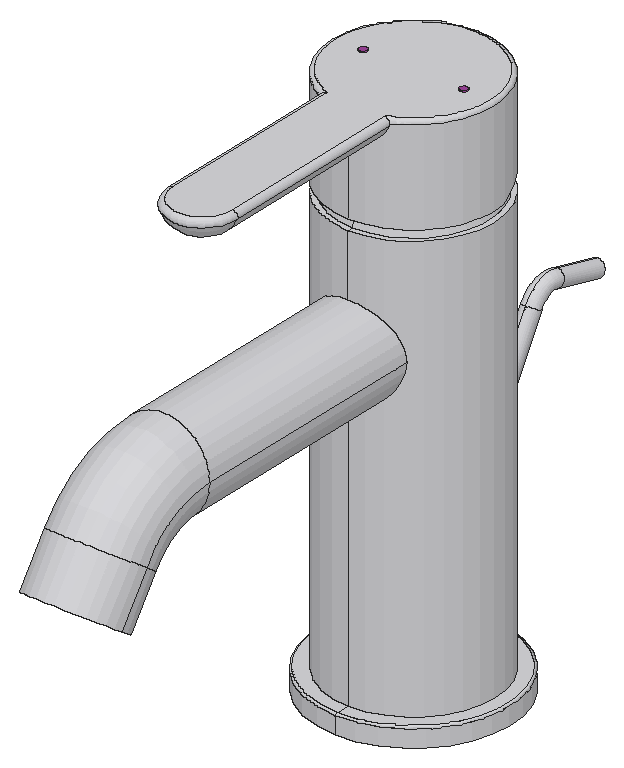
Revit family "Faucet-Lavatory-KOHLER-ATOM-K-31875T_1", category Plumbing Fixtures, host Face, Revit 2017
Family settings
  Host = Face
  Round Connector Dimension = Use Diameter
  Part Type = Normal
  OmniClass Number = 23.31.11.00
  OmniClass Title = Faucets
  Cut with Voids When Loaded = No
  Shared = No
  Room Calculation Point = No
Parameters (values of type "Mixing Faucet, CP-Polished Chrome")
  Width = 1 31/32"  # constant formula
  WaterSense Certified = 1 = 0  # no
  Waste Water Outlet = "Waste Water Outlet"  # constant formula
  Waste Connection = 1 = 0  # no
  Vent Connection = 1 = 0  # no
  URL = "https://www.kohlerasiapacific.com/"
  Type = 1
  Spout Reach = 4 75/256"  # constant formula
  Product Page URL = ""
  Product Name = "ATOM"  # constant formula
  Product Documentation Link = ""
  Pressure = 45.00 psi  # constant formula
  Model = "K-31875T-4E2-CP"  # constant formula
  Material = "Premium Metal Construction"  # constant formula
  Master Format 2014 Name = "Residential Faucets, Supplies, and Trim"  # constant formula
  Master Format 2014 = "22 41 39"  # constant formula
  Manufacturer Address = "No. 158 Jiang Chang San Road, Zhabei District, Shanghai, China"  # constant formula
  Manufacturer = "KOHLER Co."  # constant formula
  Length = Spout Reach  # 4 75/256"
  Hot Water Inlet = "Hot Water Inlet"  # constant formula
  Hot Water Diameter = if(Type = 1, 1/2", 0")  # 1/2"
  Height = 5 161/256"  # constant formula
  Handle Clearance = 3 1/32"  # constant formula
  HW Connection = if(Type = 1, 1 = 1, 1 = 0)  # yes
  Flow Rate = 1 GPM  # constant formula
  Finish = Kohler-Metal-CP-Polished_Chrome
  Faucet Hole Spacing = 0"
  Environmental Product Declaration = ""
  Drain Included = 1 = 1  # yes
  Description = "Single Handle Lavatory Faucet Streamline Handle, Pop Up, 6P"  # constant formula
  Default Elevation = 36"
  Declare Label = ""
  Date Modified = "08/25/2021"  # constant formula
  Date Created = "08/25/2021"  # constant formula
  Copyright = "Copyright KOHLER Co."  # constant formula
  Contact Us = "https://www.kohlerasiapacific.com/contact-us"
  Cold Water Inlet = "Cold Water Inlet"  # constant formula
  CW Connection = 1 = 1  # yes
  Assembly Code = "D2010"
  ADA Compliant = 1 = 0  # no
Reference planes (in)
  plane 1 "Center (Front/Back)": y = 0
  plane 2: z = 0
  plane 3 "Center (Left/Right)": x = 0
  plane 4: x = -0.98425
  plane 5: x = 0.9845
  plane 6: y = 0.98425
  plane 7: y = -0.98425
  plane 8: x = -0.3937
  plane 9: x = 0.3937
  plane 10: y = -4.29297
  plane 11: y = -3.03125
  plane 12: z = 5.62891
  plane 13: z = 2.55906
  plane 14: y = 2.34457
Dimensions and locks (in)
  "Height": plane 12 to level
  level to plane 13 = 2.55906"
  "Length": plane 1 "Center (Front/Back)" to plane 10
  "Width": plane 4 to plane 5
  plane 7 to plane 6 = 1.9685"
  "Handle Clearance": plane 11 to plane 1 "Center (Front/Back)"
  aligned and locked: plane 2 to host face
  aligned and locked: level to host face
Automatic sketch dimensions
  host sketch curve to host sketch curve = 96"  (x2)
Nested families (in)
  nested 1: "K-31875T" at (0, 0, 0), type "K-31875T"
Connectors (in)
  piping at (0.3937, 0, 0), diameter 0.5, driven by "Flow Rate", driven by "Pressure", driven by "CW Connection", driven by "Cold Water Inlet"
    settings: on nested 1, index 1, connector inside diameter 24", connector length 0", flow factor 0, pipe flow 1 GPM, pressure drop 45.00 psi, fitting loss kfactor 0, connector angle 0.00°, fixture units 0, engagement length 0", angle of deflection 0.00°, flow configuration 1, flow direction 1, fitting loss method 4, system type 20, joint type 0, gender type 0, connector reference index -1, connector utility 1, adjustable connector no, is connector primary yes, connector description "Cold Water Inlet"
  piping at (-0.3937, 0, 0), diameter 0.5, driven by "Flow Rate", driven by "Pressure", driven by "HW Connection", driven by "Hot Water Inlet", driven by "Hot Water Diameter"
    settings: on nested 1, index 2, connector inside diameter 24", connector length 0", flow factor 0, pipe flow 1 GPM, pressure drop 45.00 psi, fitting loss kfactor 0, connector angle 0.00°, fixture units 0, engagement length 0", angle of deflection 0.00°, flow configuration 1, flow direction 1, fitting loss method 4, system type 19, joint type 0, gender type 0, connector reference index -1, connector utility 1, adjustable connector no, is connector primary no, connector description "Hot Water Inlet"
Definition of nested family "K-31875T"
  Parameters (values of type "K-31875T")
    Material = none
    Connector Dist = if([31875T_4], 0.3937", 0")  # 0.3937"
    31875T_4CD = 1 = 0  # no
    31875T_4 = 1 = 1  # yes
  Reference planes (in)
    plane 1 "Center (Front/Back)": y = 0
    plane 2: z = 0
    plane 3 "Center (Left/Right)": x = 0
    plane 4: x = -0.98425
    plane 5: x = 0.98425
    plane 6: y = 0.98425
    plane 7: y = -0.98425
    plane 8: z = 5.62992
    plane 9: y = -4.29134
    plane 10: z = 2.55906
    plane 11: x = -0.3937
    plane 12: x = 0.3937
    plane 13: y = 2.34457
    plane 14: y = -3.0315
  Forms (in)
    Revolve 1, solid, material <- "Material", detail levels medium+fine
      sketch origin (0, 0, 0) x (0, 1, 0) y (0, 0, 1)
        loop
          line (0, 4.90945) -> (0, 0) -> (0.98425, 0) -> (0.98425, 0.17717)
          arc (0.98425, 0.17717) -> (0.97849, 0.19108) -> (0.96457, 0.19685) r 0.01969
          line (0.96457, 0.19685) -> (0.82677, 0.19685) -> (0.82677, 4.52756) -> (0.77128, 4.52756)
          arc (0.77128, 4.52756) -> (0.70532, 4.73211) -> (0.5839, 4.90945) r 0.74751
          line (0.5839, 4.90945) -> (0, 4.90945)
        axis (0, 4.90945) -> (0, 0)
      angle from 0 to 360
    Revolve 2, solid, material <- "Material", detail levels medium+fine
      sketch origin (0, 0, 0) x (0, 1, 0) y (0, 0, 1)
        loop
          line (0.7874, 5.62992) -> (0, 5.62992) -> (0, 4.63386) -> (0.82677, 4.63386) -> (0.82677, 5.59055)
          arc (0.82677, 5.59055) -> (0.81524, 5.61839) -> (0.7874, 5.62992) r 0.03937
        axis (0, 5.62992) -> (0, 4.63386)
      angle from 0 to 360
    Revolve 3, solid, material <- "Material", detail levels medium+fine
      sketch origin (0, 0, 0) x (0, 1, 0) y (0, 0, 1)
        loop
          line (0.79052, 5.25197) -> (0.87838, 5.25197)
          arc (0.87838, 5.25197) -> (0.87238, 5.32314) -> (0.85458, 5.39232) r 0.42582
          arc (0.85458, 5.39232) -> (0.84525, 5.40473) -> (0.83045, 5.40945) r 0.02556
          line (0.83045, 5.40945) -> (0.79052, 5.40945) -> (0.79052, 5.25197)
        axis (0.87838, 5.25197) -> (0.79052, 5.25197)
      angle from 0 to 360
    Extrusion 4, void
      sketch origin (0, 0, 0) x (0, 1, 0) y (0, 0, 1)
        loop
          line (0.02735, 4.60082) -> (0.88812, 4.60082) -> (0.88812, 4.91412) -> (0.02735, 4.60082)
      from -0.98425 to 0.98425
    Sweep 5, solid, material <- "Material", detail levels medium+fine
      path origin (0, 0, 0) x (1, 0, 0) y (0, 1, 0)
        loop
          line (-0.35433, -0.59724) -> (-0.35433, -2.67717)
          arc (-0.35433, -2.67717) -> (0, -3.0315) -> (0.35433, -2.67717) r 0.35433
          line (0.35433, -2.67717) -> (0.35433, -0.59724)
      profile origin (0, -3.0315, 0) x (0, 1, 0) y (0, 0, 1)
        loop
          line (0.34321, 5.62992) -> (0.05178, 5.62992)
          arc (0.05178, 5.62992) -> (0.00919, 5.60712) -> (0.00455, 5.55902) r 0.05118
          arc (0.00455, 5.55902) -> (0.12733, 5.41005) -> (0.31211, 5.35413) r 0.33328
          line (0.31211, 5.35413) -> (0.34321, 5.35413) -> (0.34321, 5.62992)
    Extrusion 6, solid, material <- "Material", detail levels medium+fine
      sketch origin (0, 0, 0) x (1, 0, 0) y (0, 1, 0)
        loop
          arc (-0.01112, -2.67717) -> (0, -2.68829) -> (0.01112, -2.67717) r 0.01112
          line (0.01112, -2.67717) -> (0.01112, -0.59724)
          arc (0.01112, -0.59724) -> (0, -0.58612) -> (-0.01112, -0.59724) r 0.01112
          line (-0.01112, -0.59724) -> (-0.01112, -2.67717)
      from 5.35413 to 5.62992
    Sweep 7, solid, material <- "Material", detail levels medium+fine
      path origin (0, 0, 0) x (0, 1, 0) y (0, 0, 1)
        loop
          line (-4.29134, 2.55906) -> (-3.97874, 3.00549)
          arc (-3.97874, 3.00549) -> (-3.62697, 3.31399) -> (-3.17249, 3.4252) r 0.98425
          line (-3.17249, 3.4252) -> (-0.54293, 3.4252)
      profile origin (0, -1.85771, 3.4252) x (0, 0, -1) y (1, 0, 0)
        loop
          circle (0, 0) r 0.47244
    Revolve 8, void
      sketch origin (0, 0, 0) x (0, 1, 0) y (0, 0, 1)
        loop
          line (-4.3157, 2.52427) -> (-3.96356, 2.2777) -> (-3.83286, 2.46435) -> (-3.9226, 2.52718) -> (-4.01446, 2.42516) -> (-4.0517, 2.45124)
          arc (-4.0517, 2.45124) -> (-4.1766, 2.49384) -> (-4.29134, 2.55906) r 0.70275
          line (-4.29134, 2.55906) -> (-4.3157, 2.52427)
        axis (-4.185, 2.71092) -> (-4.3157, 2.52427)
      angle from 0 to 360
    Extrusion 9, void
      sketch origin (0, 0, 0) x (0, 1, 0) y (0, 0, 1)
        loop
          line (-4.26212, 2.50982) -> (-4.22042, 2.56937) -> (-4.3059, 2.62923) -> (-4.3476, 2.56968) -> (-4.26212, 2.50982)
      from -0.33273 to 0.33353
    Sweep 10, solid, material <- "Material", visible <- "31875T_4"
      path origin (0, 0, 0) x (0, 1, 0) y (0, 0, 1)
        loop
          line (2.32266, 2.80004) -> (1.80722, 2.93815)
          arc (1.80722, 2.93815) -> (1.63043, 2.92656) -> (1.49722, 2.80975) r 0.27559
          line (1.49722, 2.80975) -> (0.51228, 1.10377)
      profile origin (0, 2.06494, 2.8691) x (0, -0.258819, -0.965926) y (1, 0, 0)
        loop
          circle (0, 0) r 0.08465
    Extrusion 11, solid, visible <- "31875T_4"
      sketch origin (0, 0, 0) x (1, 0, 0) y (0, 1, 0)
        loop
          circle (-0.51181, 0) r 0.03937
      from 5.61811 to 5.63386
    Extrusion 12, solid, visible <- "31875T_4"
      sketch origin (0, 0, 0) x (-1, 0, 0) y (0, -1, 0)
        loop
          circle (-0.51181, 0) r 0.03937
      from 5.61811 to 5.63386
    Extrusion 13, solid, material <- "Material", visible <- "31875T_4", detail levels medium+fine
      sketch origin (0, 0, 0) x (1, 0, 0) y (0, 1, 0)
        loop
          circle (-0.3937, 0) r 0.25
      from 0 to 0.03937
    Extrusion 14, solid, material <- "Material"
      sketch origin (0, 0, 0) x (1, 0, 0) y (0, 1, 0)
        loop
          circle (0.3937, 0) r 0.25
      from 0 to 0.03937
    Revolve 15, solid, material <- "Material", detail levels coarse
      sketch origin (0, 0, 0) x (0, 1, 0) y (0, 0, 1)
        loop
          line (0.82677, 4.52756) -> (0.70976, 4.52756) -> (0.70976, 4.63386) -> (0.82973, 4.63386) -> (0.82973, 5.62992) -> (0, 5.62992) -> (0, 0) -> (0.98425, 0) -> (0.98425, 0.19685) -> (0.82677, 0.19685) -> (0.82677, 4.52756)
        axis (0, 5.62992) -> (0, 0)
      angle from 0 to 360
    Extrusion 16, solid, material <- "Material", detail levels coarse
      sketch origin (0, 0, 0) x (1, 0, 0) y (0, 1, 0)
        loop
          line (-0.35479, -0.54992) -> (-0.35479, -2.67717)
          arc (-0.35479, -2.67717) -> (0, -3.03196) -> (0.35479, -2.67717) r 0.35479
          line (0.35479, -2.67717) -> (0.35479, -0.54992) -> (-0.35479, -0.54992)
      from 5.34947 to 5.62992
    Sweep 17, solid, material <- "Material", detail levels coarse
      path origin (0, 0, 0) x (0, 1, 0) y (0, 0, 1)
        loop
          line (-4.29134, 2.55906) -> (-3.97874, 3.00549)
          arc (-3.97874, 3.00549) -> (-3.62697, 3.31399) -> (-3.17249, 3.4252) r 0.98425
          line (-3.17249, 3.4252) -> (-0.54293, 3.4252)
      profile origin (0, -1.85771, 3.4252) x (0, 0, -1) y (1, 0, 0)
        loop
          circle (0, 0) r 0.47244
  Cuts and joins
    joined: Revolve 15, Extrusion 16, Sweep 17
    Extrusion 4 cuts Revolve 2
    Revolve 8, Extrusion 9 cuts Sweep 7
    joined: Revolve 1, Revolve 2, Revolve 3, Sweep 5, Extrusion 6, Sweep 7
  Lines and regions (in)
    Masking region 1
      outline origin (0, 0, 0) x (0, 1, 0) y (0, 0, 1)
        loop
          line (0.78923, 5.62991) -> (-2.981, 5.62991)
          arc (-2.981, 5.62991) -> (-3.02355, 5.60717) -> (-3.02828, 5.55914) r 0.05118
          arc (-3.02828, 5.55914) -> (-2.90597, 5.4101) -> (-2.72147, 5.35413) r 0.33209
          line (-2.72147, 5.35413) -> (-0.82677, 5.35413) -> (-0.82677, 4.63386) -> (-0.74516, 4.63386)
          arc (-0.74516, 4.63386) -> (-0.76017, 4.58119) -> (-0.77128, 4.52756) r 0.74751
          line (-0.77128, 4.52756) -> (-0.82677, 4.52756) -> (-0.82677, 3.89764) -> (-3.17249, 3.89764)
          arc (-3.17249, 3.89764) -> (-3.84512, 3.73305) -> (-4.36574, 3.27647) r 1.45669
          line (-4.36574, 3.27647) -> (-4.67834, 2.83004) -> (-3.90434, 2.28807) -> (-3.59174, 2.73451)
          arc (-3.59174, 2.73451) -> (-3.40882, 2.89493) -> (-3.17249, 2.95276) r 0.51181
          line (-3.17249, 2.95276) -> (-0.82677, 2.95276) -> (-0.82677, 0.19685) -> (-0.96457, 0.19685)
          arc (-0.96457, 0.19685) -> (-0.97849, 0.19108) -> (-0.98425, 0.17717) r 0.01969
          line (-0.98425, 0.17717) -> (-0.98425, 0) -> (0.98425, 0) -> (0.98425, 0.17717)
          arc (0.98425, 0.17717) -> (0.97849, 0.19108) -> (0.96457, 0.19685) r 0.01969
          line (0.96457, 0.19685) -> (0.82677, 0.19685) -> (0.82677, 4.52756) -> (0.77128, 4.52756)
          arc (0.77128, 4.52756) -> (0.72688, 4.68395) -> (0.64973, 4.82705) r 0.74751
          line (0.64973, 4.82705) -> (0.82973, 4.89246) -> (0.82973, 5.09411)
          arc (0.82973, 5.09411) -> (0.84478, 5.09892) -> (0.85426, 5.11156) r 0.02597
          arc (0.85426, 5.11156) -> (0.8781, 5.25194) -> (0.85431, 5.39233) r 0.4257
          arc (0.85431, 5.39233) -> (0.8443, 5.40514) -> (0.82858, 5.40928) r 0.02542
          line (0.82858, 5.40928) -> (0.82858, 5.59056)
          arc (0.82858, 5.59056) -> (0.81705, 5.61839) -> (0.78923, 5.62991) r 0.03935
    Masking region 2, visible <- "31875T_4"
      outline origin (0, 0, 0) x (0, 1, 0) y (0, 0, 1)
        loop
          line (2.34457, 2.8818) -> (1.82475, 3.02109)
          arc (1.82475, 3.02109) -> (1.59745, 3.00619) -> (1.42618, 2.85599) r 0.35433
          line (1.42618, 2.85599) -> (0.82677, 1.81778) -> (0.82677, 1.4792) -> (1.56826, 2.7635)
          arc (1.56826, 2.7635) -> (1.66341, 2.84694) -> (1.78969, 2.85522) r 0.19685
          line (1.78969, 2.85522) -> (2.30075, 2.71828) -> (2.34457, 2.8818)
    Masking region 3
      outline origin (0, 0, 0) x (1, 0, 0) y (0, 1, 0)
        loop
          arc (0.47244, -0.86345) -> (0, 0.98425) -> (-0.47244, -0.86345) r 0.98425
          line (-0.47244, -0.86345) -> (-0.47244, -4.29134)
          spline (-0.47244, -4.29134) -> (-0.45634, -4.3915) -> (-0.40915, -4.48484) -> (-0.33407, -4.56499) -> (-0.23622, -4.62649) -> (-0.12228, -4.66515) -> (0, -4.67834) -> (0.12228, -4.66515) -> (0.23622, -4.62649) -> (0.33407, -4.56499) -> (0.40915, -4.48484) -> (0.45634, -4.3915) -> (0.47244, -4.29134)
          line (0.47244, -4.29134) -> (0.47244, -0.86345)
    Masking region 4, visible <- "31875T_4"
      outline origin (0, 0, 0) x (1, 0, 0) y (0, 1, 0)
        loop
          line (-0.08465, 2.32266) -> (-0.08465, 0.87009)
          arc (-0.08465, 0.87009) -> (0, 0.87858) -> (0.08465, 0.87009) r 0.42582
          line (0.08465, 0.87009) -> (0.08465, 2.32266)
          spline (0.08465, 2.32266) -> (0.08176, 2.32833) -> (0.07331, 2.33362) -> (0.05985, 2.33815) -> (0.04232, 2.34163) -> (0.02191, 2.34382) -> (0, 2.34457) -> (-0.02191, 2.34382) -> (-0.04232, 2.34163) -> (-0.05985, 2.33815) -> (-0.07331, 2.33362) -> (-0.08176, 2.32833) -> (-0.08465, 2.32266)
    Masking region 5
      outline origin (0, 0, 0) x (1, 0, 0) y (0, 0, 1)
        loop
          arc (-0.7874, 5.62991) -> (-0.81524, 5.61838) -> (-0.82677, 5.59054) r 0.03937
          line (-0.82677, 5.59054) -> (-0.82677, 4.63386) -> (-0.74516, 4.63386)
          arc (-0.74516, 4.63386) -> (-0.76017, 4.58119) -> (-0.77128, 4.52756) r 0.74751
          line (-0.77128, 4.52756) -> (-0.82677, 4.52756) -> (-0.82677, 0.19685) -> (-0.96457, 0.19685)
          arc (-0.96457, 0.19685) -> (-0.97849, 0.19108) -> (-0.98425, 0.17717) r 0.01969
          line (-0.98425, 0.17717) -> (-0.98425, 0) -> (0.98425, 0) -> (0.98425, 0.17717)
          arc (0.98425, 0.17717) -> (0.97849, 0.19108) -> (0.96457, 0.19685) r 0.01969
          line (0.96457, 0.19685) -> (0.82677, 0.19685) -> (0.82677, 4.52756) -> (0.77128, 4.52756)
          arc (0.77128, 4.52756) -> (0.76017, 4.58119) -> (0.74516, 4.63386) r 0.74751
          line (0.74516, 4.63386) -> (0.82677, 4.63386) -> (0.82677, 5.59054)
          arc (0.82677, 5.59054) -> (0.81524, 5.61838) -> (0.7874, 5.62991) r 0.03937
          line (0.7874, 5.62991) -> (-0.7874, 5.62991)
    symbolic lines, detail levels medium+fine
      curve 1: line (0, 0.11811, 4.63386) -> (0, -0.74516, 4.63386)
      curve 2: line (0, 0.11811, 4.63386) -> (0, 0.64973, 4.82705)
      curve 3: line (0, 0.82973, 5.09411) -> (0, 0.82858, 5.40928)
      curve 4: line (0, 0.77128, 4.52756) -> (0, -0.77128, 4.52756)
      curve 5: arc (0, -0.82677, 3.89764) -> (0, -0.67849, 3.4252) -> (0, -0.82677, 2.95276) r 0.82677
      curve 6: line (0, -3.59174, 2.73451) -> (0, -4.36574, 3.27647)
      curve 7: line (0, 0.82677, 0.19685) -> (0, -0.82677, 0.19685)
      curve 8: arc (0.35479, -0.74677, 0) -> (0, 0.82677, 0) -> (-0.35479, -0.74677, 0) r 0.82677
      curve 9: line (-0.35479, -0.74677, 0) -> (-0.35479, -2.67717, 0)
      curve 10: line (0.35479, -0.74677, 0) -> (0.35479, -2.67717, 0)
      curve 11: line (-0.47244, -3.97915, 0) -> (0.47244, -3.97915, 0)
      curve 12: line (-0.47244, -0.86345, 0) -> (-0.47244, -0.67849, 0)
      curve 13: line (0.47244, -0.86345, 0) -> (0.47244, -0.67849, 0)
      curve 14: line (0.15748, 0.83066, 0) -> (0.15748, 0.81163, 0)
      curve 15: arc (0.14035, 0.85479, 0) -> (0, 0.87858, 0) -> (-0.14035, 0.85479, 0) r 0.42582
      curve 16: arc (0.15748, 0.83066, 0) -> (0.15276, 0.84546, 0) -> (0.14035, 0.85479, 0) r 0.02556
      curve 17: line (-0.15748, 0.83066, 0) -> (-0.15748, 0.81163, 0)
      curve 18: arc (-0.15748, 0.83066, 0) -> (-0.15276, 0.84546, 0) -> (-0.14035, 0.85479, 0) r 0.02556
      curve 21: line (-0.74516, 0, 4.63386) -> (0.74516, 0, 4.63386)
      curve 22: line (0.77128, 0, 4.52756) -> (-0.77128, 0, 4.52756)
      curve 23: line (-0.82677, 0, 0.19685) -> (0.82677, 0, 0.19685)
      curve 24: spline (0.47244, 0, 2.55906) -> (0.45634, 0, 2.62919) -> (0.40915, 0, 2.69455) -> (0.33407, 0, 2.75067) -> (0.23622, 0, 2.79373) -> (0.12228, 0, 2.8208) -> (0, 0, 2.83004) -> (-0.12228, 0, 2.8208) -> (-0.23622, 0, 2.79373) -> (-0.33407, 0, 2.75067) -> (-0.40915, 0, 2.69455) -> (-0.45634, 0, 2.62919) -> (-0.47244, 0, 2.55906)
      curve 25: spline (0, 0, 2.31248) -> (-0.11126, 0, 2.32088) -> (-0.21494, 0, 2.34552) -> (-0.30397, 0, 2.3847) -> (-0.37229, 0, 2.43577) -> (-0.41524, 0, 2.49524) -> (-0.42988, 0, 2.55906) -> (-0.41524, 0, 2.62287) -> (-0.37229, 0, 2.68234) -> (-0.30397, 0, 2.73341) -> (-0.21494, 0, 2.77259) -> (-0.11126, 0, 2.79723) -> (0, 0, 2.80563)
      curve 26: spline (-0.30361, 0, 2.5993) -> (-0.29326, 0, 2.64437) -> (-0.26293, 0, 2.68637) -> (-0.21468, 0, 2.72244) -> (-0.1518, 0, 2.75011) -> (-0.07858, 0, 2.76751) -> (0, 0, 2.77344) -> (0.07858, 0, 2.76751) -> (0.1518, 0, 2.75011) -> (0.21468, 0, 2.72244) -> (0.26293, 0, 2.68637) -> (0.29326, 0, 2.64437) -> (0.30361, 0, 2.5993) -> (0.29326, 0, 2.55423) -> (0.26293, 0, 2.51223) -> (0.21468, 0, 2.47616) -> (0.1518, 0, 2.44849) -> (0.07858, 0, 2.43109) -> (0, 0, 2.42516) -> (-0.07858, 0, 2.43109) -> (-0.1518, 0, 2.44849) -> (-0.21468, 0, 2.47616) -> (-0.26293, 0, 2.51223) -> (-0.29326, 0, 2.55423) -> (-0.30361, 0, 2.5993)
      curve 27: spline (0.25281, 0, 2.56937) -> (0.23449, 0, 2.53739) -> (0.20404, 0, 2.5086) -> (0.16305, 0, 2.48451) -> (0.11362, 0, 2.46635) -> (0.05832, 0, 2.45506) -> (0, 0, 2.45124) -> (-0.05832, 0, 2.45506) -> (-0.11362, 0, 2.46635) -> (-0.16305, 0, 2.48451) -> (-0.20404, 0, 2.5086) -> (-0.23449, 0, 2.53739) -> (-0.25281, 0, 2.56937)
      curve 28: spline (-0.25281, 0, 2.62923) -> (-0.21216, 0, 2.61751) -> (-0.1707, 0, 2.60786) -> (-0.12859, 0, 2.60032) -> (-0.086, 0, 2.59491) -> (-0.04308, 0, 2.59166) -> (0, 0, 2.59057) -> (0.04308, 0, 2.59166) -> (0.086, 0, 2.59491) -> (0.12859, 0, 2.60032) -> (0.1707, 0, 2.60786) -> (0.21216, 0, 2.61751) -> (0.25281, 0, 2.62923)
      curve 29: spline (0.25281, 0, 2.56937) -> (0.21216, 0, 2.55765) -> (0.1707, 0, 2.54801) -> (0.12859, 0, 2.54046) -> (0.086, 0, 2.53506) -> (0.04308, 0, 2.5318) -> (0, 0, 2.53072) -> (-0.04308, 0, 2.5318) -> (-0.086, 0, 2.53506) -> (-0.12859, 0, 2.54046) -> (-0.1707, 0, 2.54801) -> (-0.21216, 0, 2.55765) -> (-0.25281, 0, 2.56937)
      curve 30: spline (-0.25281, 0, 2.62923) -> (-0.23449, 0, 2.66121) -> (-0.20404, 0, 2.69) -> (-0.16305, 0, 2.71409) -> (-0.11362, 0, 2.73225) -> (-0.05832, 0, 2.74354) -> (0, 0, 2.74736) -> (0.05832, 0, 2.74354) -> (0.11362, 0, 2.73225) -> (0.16305, 0, 2.71409) -> (0.20404, 0, 2.69) -> (0.23449, 0, 2.66121) -> (0.25281, 0, 2.62923)
      curve 31: spline (-0.47244, 0, 2.55906) -> (-0.45634, 0, 2.48892) -> (-0.40915, 0, 2.42356) -> (-0.33407, 0, 2.36744) -> (-0.23622, 0, 2.32438) -> (-0.12228, 0, 2.29731) -> (0, 0, 2.28807) -> (0.12228, 0, 2.29731) -> (0.23622, 0, 2.32438) -> (0.33407, 0, 2.36744) -> (0.40915, 0, 2.42356) -> (0.45634, 0, 2.48892) -> (0.47244, 0, 2.55906)
      curve 32: spline (0, 0, 2.80563) -> (0.11126, 0, 2.79723) -> (0.21494, 0, 2.77259) -> (0.30397, 0, 2.73341) -> (0.37229, 0, 2.68234) -> (0.41524, 0, 2.62287) -> (0.42988, 0, 2.55906) -> (0.41524, 0, 2.49524) -> (0.37229, 0, 2.43577) -> (0.30397, 0, 2.3847) -> (0.21494, 0, 2.34552) -> (0.11126, 0, 2.32088) -> (0, 0, 2.31248)
      curve 33: line (-0.25281, 0, 2.56937) -> (0.25281, 0, 2.56937)
      curve 34: spline (-0.26905, 0, 2.51861) -> (-0.28497, 0, 2.52631) -> (-0.30023, 0, 2.53444) -> (-0.31478, 0, 2.54299) -> (-0.32859, 0, 2.55194) -> (-0.34164, 0, 2.56125) -> (-0.35387, 0, 2.57092) -> (-0.36528, 0, 2.58092) -> (-0.37583, 0, 2.59122) -> (-0.3855, 0, 2.6018) -> (-0.39426, 0, 2.61264) -> (-0.4021, 0, 2.62371) -> (-0.40899, 0, 2.63499)
      curve 35: spline (0.26905, 0, 2.51861) -> (0.28497, 0, 2.52631) -> (0.30023, 0, 2.53444) -> (0.31478, 0, 2.54299) -> (0.32859, 0, 2.55194) -> (0.34164, 0, 2.56125) -> (0.35387, 0, 2.57092) -> (0.36528, 0, 2.58092) -> (0.37583, 0, 2.59122) -> (0.3855, 0, 2.6018) -> (0.39426, 0, 2.61264) -> (0.4021, 0, 2.62371) -> (0.40899, 0, 2.63499)
      curve 36: spline (-0.31922, 0, 2.69557) -> (-0.31954, 0, 2.69793) -> (-0.3198, 0, 2.7003) -> (-0.32002, 0, 2.70267) -> (-0.32017, 0, 2.70504) -> (-0.32028, 0, 2.70741) -> (-0.32033, 0, 2.70978) -> (-0.32033, 0, 2.71216) -> (-0.32028, 0, 2.71453) -> (-0.32017, 0, 2.7169) -> (-0.32001, 0, 2.71927) -> (-0.31979, 0, 2.72164) -> (-0.31952, 0, 2.72401)
      curve 37: line (-0.31922, 0, 2.69557) -> (-0.30361, 0, 2.5993)
      curve 38: spline (0.31922, 0, 2.69557) -> (0.31954, 0, 2.69793) -> (0.3198, 0, 2.7003) -> (0.32002, 0, 2.70267) -> (0.32017, 0, 2.70504) -> (0.32028, 0, 2.70741) -> (0.32033, 0, 2.70978) -> (0.32033, 0, 2.71216) -> (0.32028, 0, 2.71453) -> (0.32017, 0, 2.7169) -> (0.32001, 0, 2.71927) -> (0.31979, 0, 2.72164) -> (0.31952, 0, 2.72401)
      curve 39: line (0.31922, 0, 2.69557) -> (0.30361, 0, 2.5993)
      curve 40: arc (0.47244, 0, 3.4252) -> (0, 0, 3.89764) -> (-0.47244, 0, 3.4252) r 0.47244
      curve 41: line (-0.47244, 0, 3.4252) -> (-0.47244, 0, 2.55906)
      curve 42: line (0.47244, 0, 3.4252) -> (0.47244, 0, 2.55906)
      curve 43: spline (0.47244, 0, 3.00504) -> (0.45634, 0, 3.07518) -> (0.40915, 0, 3.14053) -> (0.33407, 0, 3.19666) -> (0.23622, 0, 3.23972) -> (0.12228, 0, 3.26679) -> (0, 0, 3.27603) -> (-0.12228, 0, 3.26679) -> (-0.23622, 0, 3.23972) -> (-0.33407, 0, 3.19666) -> (-0.40915, 0, 3.14053) -> (-0.45634, 0, 3.07518) -> (-0.47244, 0, 3.00504)
      curve 44: arc (-0.35479, -2.67717, 0) -> (0, -3.03196, 0) -> (0.35479, -2.67717, 0) r 0.35479
      curve 45: spline (0, -0.72693, 5.62959) -> (0, -0.72984, 5.62968) -> (0, -0.73264, 5.62906) -> (0, -0.73531, 5.62776) -> (0, -0.73781, 5.62578) -> (0, -0.74009, 5.62315) -> (0, -0.74214, 5.61991) -> (0, -0.74392, 5.61611) -> (0, -0.7454, 5.61179) -> (0, -0.74658, 5.60701) -> (0, -0.74742, 5.60184) -> (0, -0.74793, 5.59636) -> (0, -0.74809, 5.59063)
      curve 46: arc (0, -0.74809, 5.59063) -> (0, -0.76812, 5.46595) -> (0, -0.82677, 5.35413) r 0.39164
      curve 47: arc (-0.04222, 0, 5.35413) -> (-0.227, 0, 5.41005) -> (-0.34978, 0, 5.55902) r 0.33328
      curve 48: arc (0.04222, 0, 5.35413) -> (0.227, 0, 5.41005) -> (0.34978, 0, 5.55902) r 0.33328
      curve 49: arc (-0.34978, 0, 5.55902) -> (-0.34514, 0, 5.60712) -> (-0.30255, 0, 5.62992) r 0.05118
      curve 50: arc (0.34978, 0, 5.55902) -> (0.34514, 0, 5.60712) -> (0.30255, 0, 5.62992) r 0.05118
      curve 51: line (-0.04222, 0, 5.35413) -> (0.04222, 0, 5.35413)
    symbolic lines, visible <- "31875T_4", detail levels medium+fine
      curve 19: circle (-0.51181, 0, 0) r 0.03937 normal (0, 0, 1)
      curve 20: circle (0.51181, 0, 0) r 0.03937 normal (0, 0, 1)
  Dimensions and locks (in)
    locked: plane 4 to plane 5 at 1.9685
    locked: plane 8 to level at 5.62992
    locked: plane 1 "Center (Front/Back)" to plane 9 at 4.29134
    locked: plane 10 to level at 2.55906
    "Connector Dist": Extrusion 13 sketch curve to plane 3 "Center (Left/Right)"
    "Connector Dist": plane 3 "Center (Left/Right)" to Extrusion 14 sketch curve
    aligned and locked: plane 2 to level
  Automatic sketch dimensions
    Revolve 2 sketch curve to plane 1 "Center (Front/Back)" = 0"  (x2)
    Revolve 2 sketch curve to plane 8 = 0"
    Revolve 2 sketch curve to plane 6 = 0.19685"
    Revolve 2 sketch curve to Revolve 2 sketch curve = 0.03937"
    Revolve 2 sketch curve to Revolve 2 sketch curve = 0.95669"
    Revolve 2 sketch curve to Revolve 2 sketch curve = 0.35658"
    Revolve 2 sketch curve to Revolve 2 sketch curve = 0.21595"
    Revolve 3 sketch curve to plane 1 "Center (Front/Back)" = 0.45256"
    Revolve 3 sketch curve to plane 6 = 0.19373"
    Revolve 3 sketch curve to Revolve 3 sketch curve = 0.03993"
    Revolve 3 sketch curve to Revolve 3 sketch curve = 0.08785"
    Revolve 3 sketch curve to plane 8 = 0.37795"
    Revolve 3 sketch curve to Revolve 3 sketch curve = 0.13192"
    Revolve 3 sketch curve to Revolve 3 sketch curve = 0.02556"
    Revolve 3 sketch curve to Revolve 3 sketch curve = 0.07396"
    Revolve 3 sketch curve to Revolve 3 sketch curve = 0.05165"
    Revolve 3 sketch curve to Revolve 3 sketch curve = 0"
    Extrusion 4 sketch curve to plane 1 "Center (Front/Back)" = 7/256"
    Extrusion 4 sketch curve to plane 6 = 0.09614"
    Extrusion 4 sketch curve to plane 8 = 1.0291"
    Extrusion 4 sketch curve to Extrusion 4 sketch curve = 0.31329"
    Sweep 7 sketch curve to plane 9 = 0"
    Sweep 7 sketch curve to plane 10 = 0"
    Sweep 7 sketch curve to plane 9 = 0.3126"
    Sweep 7 sketch curve to plane 10 = 0.11811"
    plane 10 to Sweep 7 sketch curve = 0.44643"
    Sweep 7 sketch curve to plane 7 = 0.44132"
    Sweep 7 sketch curve to plane 3 "Center (Left/Right)" = 0"
    Sweep 7 sketch curve to profile plane = 0"
    Revolve 8 sketch curve to plane 9 = 0"  (x2)
    Revolve 8 sketch curve to plane 10 = 0"  (x2)
    plane 9 to Revolve 8 sketch curve = 0.02436"
    Revolve 8 sketch curve to plane 10 = 0.10782"
    Revolve 8 sketch curve to plane 9 = 0.23964"
    Revolve 8 sketch curve to plane 10 = 0.1339"
    Revolve 8 sketch curve to Revolve 8 sketch curve = 0.03724"
    Revolve 8 sketch curve to Revolve 8 sketch curve = 0.0509"
    Revolve 8 sketch curve to plane 10 = 0.03188"
    Revolve 8 sketch curve to Revolve 8 sketch curve = 0.09186"
    Revolve 8 sketch curve to plane 9 = 0.40308"
    Revolve 8 sketch curve to plane 10 = 0.09471"
    plane 9 to Revolve 8 sketch curve = 0.08603"
    Revolve 8 sketch curve to Revolve 8 sketch curve = 0.08808"
    plane 10 to Extrusion 9 sketch curve = 0.01062"
    plane 9 to Extrusion 9 sketch curve = 0.05626"
    plane 9 to Extrusion 9 sketch curve = 0.01456"
    Extrusion 9 sketch curve to plane 9 = 0.02922"
    plane 10 to Extrusion 9 sketch curve = 0.01032"
    plane 1 "Center (Front/Back)" to Extrusion 11 sketch curve = 0"
    plane 4 to Extrusion 11 sketch curve = 0.47244"
    plane 1 "Center (Front/Back)" to Extrusion 12 sketch curve = 0"
    Extrusion 12 sketch curve to plane 5 = 0.47244"
    plane 1 "Center (Front/Back)" to Extrusion 13 sketch curve = 0"
    plane 1 "Center (Front/Back)" to Extrusion 14 sketch curve = 0"
    plane 9 to Masking region 3 sketch curve = 0"
    plane 1 "Center (Front/Back)" to Masking region 3 sketch curve = 0"
    Masking region 3 sketch curve to plane 3 "Center (Left/Right)" = 0"  (x2)
    Masking region 3 sketch curve to plane 11 = 0.07874"
    Masking region 3 sketch curve to plane 7 = 0.1208"
    Masking region 2 sketch curve to plane 6 = 0.15748"
    plane 6 to Masking region 2 sketch curve = 0.44193"
    plane 10 to Masking region 2 sketch curve = 0.20444"
    Masking region 2 sketch curve to Masking region 2 sketch curve = 0.14208"
    Masking region 2 sketch curve to Masking region 2 sketch curve = 0.16478"
    Masking region 2 sketch curve to Masking region 2 sketch curve = 0.0057"
    plane 10 to Masking region 2 sketch curve = 0.29616"
    Masking region 2 sketch curve to Masking region 2 sketch curve = 0.05665"
    plane 10 to Masking region 2 sketch curve = 0.46203"
    Masking region 2 sketch curve to Masking region 2 sketch curve = 0.03506"
    plane 10 to Masking region 2 sketch curve = 0.15922"
    Masking region 2 sketch curve to Masking region 2 sketch curve = 0.51106"
    Masking region 2 sketch curve to plane 10 = 0.74127"
    Masking region 2 sketch curve to Masking region 2 sketch curve = 0.33858"
    Masking region 2 sketch curve to Masking region 2 sketch curve = 0.01375"
    Masking region 4 sketch curve to plane 3 "Center (Left/Right)" = 0"  (x2)
    Masking region 4 sketch curve to Masking region 4 sketch curve = 0.08465"
    plane 6 to Masking region 4 sketch curve = 1.33841"
    Masking region 4 sketch curve to plane 6 = 0.11417"
    Masking region 4 sketch curve to Masking region 4 sketch curve = 0.41732"
    curve 41 to plane 10 = 0"
    curve 25 to plane 10 = 0"
    curve 28 to plane 3 "Center (Left/Right)" = 0"
    curve 38 to plane 3 "Center (Left/Right)" = 0"
    curve 27 to plane 3 "Center (Left/Right)" = 0"
    curve 26 to plane 3 "Center (Left/Right)" = 0"
    curve 24 to plane 3 "Center (Left/Right)" = 0"
    curve 36 to plane 3 "Center (Left/Right)" = 0"
    curve 35 to plane 3 "Center (Left/Right)" = 0"
    curve 30 to plane 3 "Center (Left/Right)" = 0"
    curve 25 to plane 3 "Center (Left/Right)" = 0"
    curve 34 to plane 3 "Center (Left/Right)" = 0"
    plane 10 to curve 33 = 0.01032"
    plane 11 to curve 33 = 0.14089"
    plane 11 to curve 37 = 0.07448"
    curve 41 to plane 11 = 0.07874"
    plane 12 to curve 39 = 0.07448"
    plane 10 to curve 39 = 0.13651"
    plane 10 to curve 37 = 0.13651"
    curve 36 to curve 41 = 0.72963"
    curve 30 to curve 33 = 0"
    curve 27 to curve 33 = 0.00533"
    curve 30 to curve 27 = 0"  (x2)
    curve 34 to curve 29 = 0.01623"
    plane 10 to curve 37 = 0.04024"
    curve 37 to curve 27 = 0.04547"
    curve 36 to curve 37 = 0.00031"
    curve 36 to curve 36 = 0.00081"
    curve 34 to plane 11 = 0.01529"
    curve 32 to plane 11 = 0.03618"
    curve 34 to plane 11 = 0.03618"
    curve 25 to curve 32 = 0"
    plane 4 to curve 28 = 0.28345"
    curve 28 to curve 29 = 0"
    plane 4 to curve 21 = 0.23909"
    curve 22 to curve 21 = 0.02612"
    plane 4 to curve 23 = 0.15748"
    curve 35 to plane 10 = 0.04045"
    curve 33 to curve 35 = 0.01623"
    curve 39 to curve 38 = 0.00031"
    curve 38 to curve 38 = 0.00081"
    curve 35 to plane 12 = 0.01529"
    curve 35 to plane 12 = 0.03618"
    plane 5 to curve 21 = 0.23909"
    curve 21 to curve 22 = 0.02612"
    plane 5 to curve 23 = 0.15748"
    curve 25 to curve 25 = 0.24657"
    level to curve 23 = 0.19685"
    curve 33 to curve 27 = 0.02993"
    curve 26 to curve 37 = 0"
    plane 10 to curve 39 = 0.04024"
    curve 30 to curve 30 = 0.02993"
    curve 32 to curve 43 = 0.19942"
    curve 43 to curve 29 = 0.09974"
    curve 29 to curve 28 = 0.05985"
    curve 22 to curve 21 = 0.1063"
    Revolve 1 sketch curve to plane 1 "Center (Front/Back)" = 0"  (x2)
    Revolve 1 sketch curve to level = 0"
    Revolve 1 sketch curve to plane 6 = 0"
    Revolve 1 sketch curve to plane 1 "Center (Front/Back)" = 0.03424"
    Revolve 1 sketch curve to plane 6 = 0.40035"
    Revolve 1 sketch curve to plane 6 = 0.21298"
    Revolve 1 sketch curve to plane 6 = 0.15748"
    Revolve 1 sketch curve to Revolve 1 sketch curve = 0.01969"
    level to Revolve 1 sketch curve = 0.17717"
    Revolve 1 sketch curve to plane 8 = 1.22708"
    Revolve 1 sketch curve to Revolve 1 sketch curve = 0.12472"
    Revolve 1 sketch curve to Revolve 1 sketch curve = 0.4686"
    Revolve 1 sketch curve to plane 10 = 1.256"
    plane 10 to Sweep 10 sketch curve = 0.25069"
    plane 6 to Sweep 10 sketch curve = 0.51297"
    plane 10 to Sweep 10 sketch curve = 0.1129"
    Sweep 10 sketch curve to Sweep 10 sketch curve = 0.23867"
    plane 10 to Sweep 10 sketch curve = 0.3791"
    Sweep 10 sketch curve to plane 6 = 0.47197"
    plane 10 to Sweep 10 sketch curve = 0.24098"
    Sweep 10 sketch curve to Sweep 10 sketch curve = 0.51544"
    level to Sweep 10 sketch curve = 1.10377"
    Sweep 10 sketch curve to plane 3 "Center (Left/Right)" = 0"
    Sweep 10 sketch curve to profile plane = 0"
    Masking region 5 sketch curve to level = 0"
    Masking region 5 sketch curve to plane 4 = 0"
    plane 5 to Masking region 5 sketch curve = 0"
    Masking region 5 sketch curve to Masking region 5 sketch curve = 0.01969"
    Masking region 5 sketch curve to plane 8 = 0.03938"
    plane 4 to Masking region 5 sketch curve = 0.15748"
    Masking region 5 sketch curve to Masking region 5 sketch curve = 0.1378"
    Masking region 5 sketch curve to Masking region 5 sketch curve = 0.03937"
    Masking region 5 sketch curve to Masking region 5 sketch curve = 0.0555"
    Masking region 5 sketch curve to Masking region 5 sketch curve = 0.08161"  (x2)
    Masking region 5 sketch curve to plane 3 "Center (Left/Right)" = 0.03424"
    plane 3 "Center (Left/Right)" to Masking region 5 sketch curve = 0.03424"
    plane 5 to Masking region 5 sketch curve = 0.23909"
    Masking region 5 sketch curve to Masking region 5 sketch curve = 0.02612"
    plane 5 to Masking region 5 sketch curve = 0.19685"
    plane 5 to Masking region 5 sketch curve = 0.15748"
    plane 5 to Masking region 5 sketch curve = 0.01969"
    level to Masking region 5 sketch curve = 0.17717"  (x2)
    Masking region 5 sketch curve to plane 8 = 1.22708"
    Masking region 5 sketch curve to Masking region 5 sketch curve = 0"
    Masking region 5 sketch curve to Masking region 5 sketch curve = 0.12472"  (x2)
    Revolve 15 sketch curve to level = 0"
    Revolve 15 sketch curve to plane 1 "Center (Front/Back)" = 0"  (x2)
    Revolve 15 sketch curve to plane 8 = 0"
    Revolve 15 sketch curve to plane 6 = 0"
    Revolve 15 sketch curve to plane 6 = 0.27449"
    Revolve 15 sketch curve to plane 6 = 0.15748"
    Revolve 15 sketch curve to Revolve 15 sketch curve = 0.00296"
    Revolve 15 sketch curve to Revolve 15 sketch curve = 0.19685"
    Revolve 15 sketch curve to plane 8 = 1.10236"
    Revolve 15 sketch curve to Revolve 15 sketch curve = 0.1063"
    Revolve 15 sketch curve to level = 0.59055"
    Revolve 15 sketch curve to Revolve 15 sketch curve = 1.1811"
    Sweep 17 sketch curve to plane 9 = 0"
    Sweep 17 sketch curve to plane 10 = 0"
    Sweep 17 sketch curve to plane 9 = 0.3126"
    Sweep 17 sketch curve to plane 10 = 0.11811"
    plane 10 to Sweep 17 sketch curve = 0.44643"
    Sweep 17 sketch curve to plane 7 = 0.44132"
    Sweep 17 sketch curve to plane 3 "Center (Left/Right)" = 0"
    Sweep 17 sketch curve to profile plane = 0"
    Sweep 7 sketch curve to Sweep 7 sketch curve = 0.80625"
    Sweep 17 sketch curve to Sweep 17 sketch curve = 0.80625"
    Sweep 5 sketch curve to plane 3 "Center (Left/Right)" = 0"
    plane 11 to Sweep 5 sketch curve = 0.03937"
    Sweep 5 sketch curve to plane 14 = 0.35433"
    Sweep 5 sketch curve to plane 7 = 0.38701"  (x2)
    Sweep 5 sketch curve to profile plane = 0.05178"
    Sweep 5 sketch curve to Sweep 5 sketch curve = 0.26032"
    level to Sweep 5 sketch curve = 5.35413"
    Sweep 5 sketch curve to Sweep 5 sketch curve = 0.22461"
    Sweep 5 sketch curve to Sweep 5 sketch curve = 0.05118"
    Sweep 5 sketch curve to Sweep 5 sketch curve = 0.05749"
    Sweep 5 sketch curve to Sweep 5 sketch curve = 0.0311"
    Extrusion 6 sketch curve to plane 3 "Center (Left/Right)" = 0"
    Extrusion 6 sketch curve to plane 3 "Center (Left/Right)" = 0.01112"
    Extrusion 6 sketch curve to plane 14 = 0.35433"
    Extrusion 6 sketch curve to plane 7 = 0.38701"
    Extrusion 16 sketch curve to plane 3 "Center (Left/Right)" = 0"
    plane 11 to Extrusion 16 sketch curve = 0.03891"
    Extrusion 16 sketch curve to plane 14 = 0.35433"
    Extrusion 16 sketch curve to plane 7 = 0.43433"
    plane 1 "Center (Front/Back)" to curve 19 = 0"
    curve 15 to plane 3 "Center (Left/Right)" = 0"
    plane 1 "Center (Front/Back)" to curve 8 = 0"
    curve 8 to plane 3 "Center (Left/Right)" = 0"
    curve 44 to plane 3 "Center (Left/Right)" = 0"
    plane 1 "Center (Front/Back)" to curve 20 = 0"
    curve 18 to plane 3 "Center (Left/Right)" = 0.13192"
    curve 17 to curve 18 = 0.02556"
    plane 11 to curve 9 = 0.03891"
    curve 19 to plane 11 = 0.11811"
    plane 3 "Center (Left/Right)" to curve 16 = 0.13192"
    curve 16 to curve 14 = 0.02556"
    curve 20 to plane 12 = 0.11811"
    curve 9 to plane 7 = 0.23748"
    curve 44 to plane 14 = 0.35433"
    curve 15 to curve 14 = 0.35887"
    curve 17 to curve 17 = 0.01903"
    curve 14 to curve 14 = 0.01903"
    curve 15 to curve 18 = 0"
    curve 12 to plane 11 = 0.07874"
    curve 11 to plane 11 = 0.07874"
    curve 11 to plane 12 = 0.07874"
    curve 13 to plane 12 = 0.07874"
    curve 13 to plane 7 = 0.1208"
    curve 12 to plane 7 = 0.1208"
    curve 11 to plane 9 = 0.31219"
    Masking region 1 sketch curve to Masking region 1 sketch curve = 0"  (x3)
    Masking region 1 sketch curve to plane 7 = 0"
    Masking region 1 sketch curve to level = 0"
    Masking region 1 sketch curve to plane 6 = 0"
    Masking region 1 sketch curve to plane 14 = 0.31003"
    Masking region 1 sketch curve to plane 14 = 0.0505"
    plane 14 to Masking region 1 sketch curve = 0.14099"
    plane 10 to Masking region 1 sketch curve = 0.17545"
    Masking region 1 sketch curve to Masking region 1 sketch curve = 0.41925"
    Masking region 1 sketch curve to plane 10 = 0.27098"
    Masking region 1 sketch curve to plane 9 = 0.387"
    plane 9 to Masking region 1 sketch curve = 0.0744"
    plane 9 to Masking region 1 sketch curve = 0.387"
    Masking region 1 sketch curve to Masking region 1 sketch curve = 0.01969"
    Masking region 1 sketch curve to plane 7 = 0.15748"  (x2)
    Masking region 1 sketch curve to Masking region 1 sketch curve = 0.1378"
    Masking region 1 sketch curve to Masking region 1 sketch curve = 0.0555"  (x2)
    Masking region 1 sketch curve to Masking region 1 sketch curve = 0.08161"
    plane 1 "Center (Front/Back)" to Masking region 1 sketch curve = 0.03424"
    Masking region 1 sketch curve to plane 1 "Center (Front/Back)" = 0.03424"
    Masking region 1 sketch curve to plane 1 "Center (Front/Back)" = 0.45239"
    Masking region 1 sketch curve to plane 6 = 0.33453"
    Masking region 1 sketch curve to plane 6 = 0.21298"
    Masking region 1 sketch curve to plane 8 = 0.03936"
    Masking region 1 sketch curve to plane 6 = 0.19502"
    Masking region 1 sketch curve to Masking region 1 sketch curve = 0.03935"
    Masking region 1 sketch curve to plane 6 = 0.15452"
    Masking region 1 sketch curve to Masking region 1 sketch curve = 0.00174"
    Masking region 1 sketch curve to plane 6 = 0.01969"
    Masking region 1 sketch curve to Masking region 1 sketch curve = 0.17717"
    level to Masking region 1 sketch curve = 0.17717"
    Masking region 1 sketch curve to plane 10 = 0.11811"
    Masking region 1 sketch curve to Masking region 1 sketch curve = 0.5052"
    Masking region 1 sketch curve to Masking region 1 sketch curve = 0.62992"
    Masking region 1 sketch curve to Masking region 1 sketch curve = 0.12472"
    Masking region 1 sketch curve to Masking region 1 sketch curve = 0.06541"
    Masking region 1 sketch curve to Masking region 1 sketch curve = 0.20165"
    Masking region 1 sketch curve to Masking region 1 sketch curve = 0.02597"
    Masking region 1 sketch curve to plane 8 = 0.37791"
    Masking region 1 sketch curve to plane 8 = 0.27579"
    Masking region 1 sketch curve to Masking region 1 sketch curve = 0.20665"
    Masking region 1 sketch curve to Masking region 1 sketch curve = 0.02536"
    Masking region 1 sketch curve to Masking region 1 sketch curve = 0.05118"
    plane 8 to Masking region 1 sketch curve = 0.05631"
    Masking region 1 sketch curve to Masking region 1 sketch curve = 0.02453"
    plane 7 to curve 5 = 0.52101"
    curve 46 to plane 8 = 0.04033"
    plane 7 to curve 46 = 0.15547"
    curve 1 to plane 1 "Center (Front/Back)" = 0.11811"
    curve 1 to plane 8 = 0.99606"
    plane 10 to curve 5 = 0.86614"
    plane 10 to curve 6 = 0.17545"
    plane 14 to curve 6 = 0.56025"
    plane 9 to curve 6 = 0.0744"
    curve 5 to plane 7 = 0.15748"  (x2)
    curve 46 to plane 7 = 0.15748"
    curve 7 to plane 7 = 0.15748"
    curve 4 to plane 7 = 0.21298"
    curve 45 to plane 8 = 0.0393"
    curve 4 to curve 1 = 0.02612"
    curve 45 to plane 8 = 0.00033"  (x2)
    curve 46 to curve 45 = 0.01752"
    curve 45 to curve 45 = 0.00364"
    curve 2 to plane 6 = 0.33453"
    curve 4 to plane 6 = 0.21298"
    curve 7 to plane 6 = 0.15748"
    curve 3 to plane 6 = 0.15567"
    curve 3 to plane 6 = 0.15452"
    curve 3 to plane 8 = 0.22064"
    curve 46 to curve 45 = 0.22431"
    curve 3 to curve 3 = 0.31517"
    curve 2 to curve 3 = 0.26706"
    curve 4 to curve 2 = 0.29949"
    curve 5 to curve 4 = 0.62992"
    plane 10 to curve 6 = 0.71741"
    level to curve 7 = 0.19685"
    curve 22 to plane 8 = 1.10236"
    curve 49 to plane 8 = 0"
    plane 11 to curve 49 = 0.09115"
    curve 47 to plane 3 "Center (Left/Right)" = 0.04222"
    plane 3 "Center (Left/Right)" to curve 48 = 0.04222"
    curve 49 to curve 49 = 0.05118"
    plane 8 to curve 47 = 0.05749"
    plane 8 to curve 48 = 0.05749"
    curve 47 to curve 49 = 0"
    plane 12 to curve 48 = 0.04392"
    curve 50 to plane 8 = 0"
    curve 50 to plane 8 = 0.05118"
    radius of Sweep 7 sketch curve = 0.47244"
    radius of Extrusion 11 sketch curve = 0.03937"
    radius of Extrusion 12 sketch curve = 0.03937"
    radius of Extrusion 13 sketch curve = 1/4"
    radius of Extrusion 14 sketch curve = 1/4"
    radius of Sweep 10 sketch curve = 0.08465"
    radius of Sweep 17 sketch curve = 0.47244"
    radius of curve 19 = 0.03937"
    radius of curve 20 = 0.03937"
